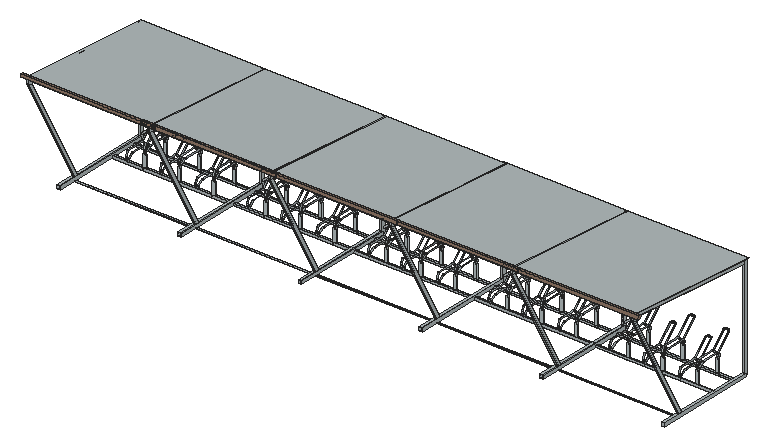
Revit family "Borås 30 Places", category Furniture, Revit 2020
Family settings
  OmniClass Number = 23.21.23.13.15
  Work Plane-Based = No
  Always vertical = Yes
  Cut with Voids When Loaded = No
  Shared = No
  Room Calculation Point = No
Parameters (values of type "8012492 Borås 24 Places / Galvanized")
  Uniclass 1.4 Description = "Furniture"
  Uniclass 1.4 Code = "L8211"
  URL = "https://www.hags.com/"
  QR code = ""
  Product url = "https://www.hags.com/en-us/park-urban/bicycle-storage/boraas-cycle-shelter/not-applicable-cast-in-place-30-places-aug-2010-galvanised"
  Product name = "Borås 30 Places / Galvanized"
  Product data url = ""
  Product SKU = ""
  Product Guid = "90e49432-c870-4a59-897e-b15016e8f9bd"
  OmniClass Description = ""
  OmniClass Code = "23-21 23 13 15"
  Model = "8012492"
  Manufacturer name = "HAGS"
  Manufacturer = "Hags"
  IFC Classification = "Furniture"
  Edition number = 1
  Description = "Borås 30 Places Galvanized "  # constant formula
  Default Elevation = 0 mm
  Construction material = Hags - Steel - Galvanized
  Body material_90 = Hags - Steel - Galvanized
  Body material = Hags - Steel - Galvanized
  BIMobject category = "bicycle-storage"
Reference planes
  plane 1 "Center (Front/Back)": y = 0
  plane 2: z = 0
  plane 3 "Center (Left/Right)": x = 0
Forms (mm)
  Extrusion 1, solid, material "Hags - Steel - Galvanized" <- "Construction material"
    sketch origin (-984.74, 2579.408, 0) x (0, 1, 0) y (0, 0, 1)
      loop
        line (-184.965, 0) -> (-184.965, 1710) -> (-234.965, 1710) -> (-234.965, 0) -> (-184.965, 0)
    from 0 to 32
  Extrusion 2, solid, material "Hags - Steel - Galvanized" <- "Construction material"
    sketch origin (-984.74, 2579.408, 0) x (0, 1, 0) y (0, 0, 1)
      loop
        line (-234.965, 1660) -> (-234.965, 1710) -> (-2462.806, 1904.911) -> (-2462.806, 1854.911) -> (-234.965, 1660)
    from 0 to 32
  Extrusion 3, solid, material "Hags - Steel - Galvanized" <- "Construction material"
    sketch origin (-985.052, 2579.408, 0) x (0, 1, 0) y (0, 0, 1)
      loop
        line (-2462.806, 1904.911) -> (-2512.806, 1904.911) -> (-2512.806, 1804.027) -> (-2462.806, 1804.027) -> (-2462.806, 1904.911)
    from 0 to 35
  Extrusion 4, solid, material "Hags - Steel - Galvanized" <- "Construction material"
    sketch origin (-985.052, 2579.408, 0) x (0, 1, 0) y (0, 0, 1)
      loop
        line (-2462.806, 1804.027) -> (-2512.806, 1804.027) -> (-1580.173, 50) -> (-1530.173, 50) -> (-1534.159, 57.495) -> (-2462.806, 1804.027)
    from 0 to 32
  Extrusion 5, solid, material "Hags - Steel - Galvanized" <- "Construction material"
    sketch origin (-1000.677, 2579.408, 0) x (0, 1, 0) y (0, 0, 1)
      loop
        line (-234.965, 50) -> (-1884.965, 50) -> (-1884.965, 0) -> (-234.965, 0) -> (-234.965, 50)
    from 0 to 43.755
  Extrusion 6, solid, material "Hags - Steel - Galvanized" <- "Construction material"
    sketch origin (-1000.677, 2384.408, 0) x (1, 0, 0) y (0, 0, 1)
      loop
        line (1995.745, 1698.705) -> (48.562, 1698.705) -> (48.562, 1664.079) -> (1995.745, 1664.079) -> (1995.745, 1698.705)
    from 0 to 32
  Extrusion 7, solid, material "Hags - Steel - Galvanized" <- "Construction material"
    sketch origin (-998.495, 109.408, 195.46) x (1, 0, 0) y (0, 0, 1)
      loop
        line (1995.745, 1698.705) -> (48.562, 1698.705) -> (48.562, 1664.079) -> (1995.745, 1664.079) -> (1995.745, 1698.705)
    from 0 to 38
  Extrusion 8, solid, material "Hags - Steel - Galvanized" <- "Construction material"
    sketch origin (-1000.677, 2384.408, 0) x (1, 0, 0) y (0, 0, 1)
      loop
        line (48.25, 73.319) -> (1994.904, 1618.13) -> (1994.904, 1650.001) -> (48.25, 103.265) -> (48.25, 73.319)
    from 0 to 32
  Extrusion 9, solid, material "Hags - Steel - Galvanized" <- "Construction material"
    sketch origin (-1000.677, 2579.408, 0) x (1, 0, 0) y (0, 1, 0)
      loop
        line (567.382, -415.587) -> (568.066, -416.141) -> (595.442, -389.704) -> (622.846, -415.88) -> (623.948, -415.585) -> (595.666, -387.302) -> (567.382, -415.587)
    from 0 to 245
  Extrusion 10, solid, material "Hags - Steel - Galvanized" <- "Construction material"
    sketch origin (-437.865, 2579.408, 0) x (1, 0, 0) y (0, 1, 0)
      loop
        line (567.382, -415.587) -> (568.066, -416.141) -> (595.442, -389.704) -> (622.846, -415.88) -> (623.948, -415.585) -> (595.666, -387.302) -> (567.382, -415.587)
    from 0 to 245
  Extrusion 11, solid, material "Hags - Steel - Galvanized" <- "Construction material"
    sketch origin (127.952, 2579.408, 0) x (1, 0, 0) y (0, 1, 0)
      loop
        line (567.382, -415.587) -> (568.066, -416.141) -> (595.442, -389.704) -> (622.846, -415.88) -> (623.948, -415.585) -> (595.666, -387.302) -> (567.382, -415.587)
    from 0 to 245
  Extrusion 12, solid, material "Hags - Steel - Galvanized" <- "Construction material"
    sketch origin (-1000.677, 2578.158, 0) x (1, 0, 0) y (0, 1, 0)
      loop
        line (48.562, -384.793) -> (48.562, -416.074) -> (1993.755, -416.074) -> (1993.755, -384.793) -> (48.562, -384.793)
    from 0 to 30
  Extrusion 13, solid, material "Hags - Steel - Galvanized" <- "Construction material"
    sketch origin (-1000.677, 2579.408, 0) x (1, 0, 0) y (0, 1, 0)
      loop
        line (46.821, -836.074) -> (1993.755, -836.074) -> (1993.755, -806.074) -> (46.821, -806.074) -> (46.821, -836.074)
    from 0 to 40
  Extrusion 14, solid, material "Hags - Steel - Galvanized" <- "Construction material"
    sketch origin (-1005.87, 1805.033, 2.5) x (1, 0, 0) y (0, 1, 0)
      loop
        line (48.948, -836.074) -> (1998.948, -836.074) -> (1998.948, -806.074) -> (48.948, -806.074) -> (48.948, -836.074)
    from 0 to 6
  Extrusion 15, solid, material "Hags - Steel - Galvanized" <- "Construction material"
    sketch origin (992.76, 2579.408, 0) x (0, 1, 0) y (0, 0, 1)
      loop
        line (-184.965, 0) -> (-184.965, 1710) -> (-234.965, 1710) -> (-234.965, 0) -> (-184.965, 0)
    from 0 to 32
  Extrusion 16, solid, material "Hags - Steel - Galvanized" <- "Construction material"
    sketch origin (992.76, 2579.408, 0) x (0, 1, 0) y (0, 0, 1)
      loop
        line (-234.965, 1660) -> (-234.965, 1710) -> (-2462.806, 1904.911) -> (-2462.806, 1854.911) -> (-234.965, 1660)
    from 0 to 32
  Extrusion 17, solid, material "Hags - Steel - Galvanized" <- "Construction material"
    sketch origin (992.448, 2579.408, 0) x (0, 1, 0) y (0, 0, 1)
      loop
        line (-2462.806, 1904.911) -> (-2512.806, 1904.911) -> (-2512.806, 1804.027) -> (-2462.806, 1804.027) -> (-2462.806, 1904.911)
    from 0 to 35
  Extrusion 18, solid, material "Hags - Steel - Galvanized" <- "Construction material"
    sketch origin (993.073, 2579.408, 0) x (0, 1, 0) y (0, 0, 1)
      loop
        line (-2462.806, 1804.027) -> (-2512.806, 1804.027) -> (-1580.173, 50) -> (-1530.173, 50) -> (-1534.159, 57.495) -> (-2462.806, 1804.027)
    from 0 to 32
  Extrusion 19, solid, material "Hags - Steel - Galvanized" <- "Construction material"
    sketch origin (994.13, 2579.408, 0) x (0, 1, 0) y (0, 0, 1)
      loop
        line (-234.965, 50) -> (-1884.965, 50) -> (-1884.965, 0) -> (-234.965, 0) -> (-234.965, 50)
    from 0 to 43.755
  Sweep 20, solid, material "Hags - Steel - Galvanized" <- "Body material"
    path origin (-364.372, 2583.549, -230.474) x (0, 1, 0) y (-0.309017, 0, 0.951057)
      loop
        line (-820.886, 0) -> (-820.886, 55.905) -> (-820.886, 59.124) -> (-819.965, 62.137) -> (-770.078, 125.99) -> (-766.002, 127.89) -> (-465.186, 127.89) -> (-461.094, 126.401) -> (-410.881, 58.199) -> (-410.115, 55.342) -> (-410.115, 0)
    profile origin (-373.01, 1762.663, -203.89) x (0, -1, 0) y (0.951057, 0, 0.309017)
      loop
        circle (0, 840.487) r 6.5
  Sweep 21, solid, material "Hags - Steel - Galvanized" <- "Body material"
    path origin (1244.524, 2583.549, -216.428) x (0, 1, 0) y (-0.292373, 0, -0.956304)
      loop
        line (-820.886, 0) -> (-820.886, -55.905) -> (-820.886, -59.124) -> (-819.965, -62.137) -> (-770.078, -125.99) -> (-766.002, -127.89) -> (-465.186, -127.89) -> (-461.094, -126.401) -> (-410.881, -58.199) -> (-410.115, -55.342) -> (-410.115, 0)
    profile origin (1252.697, 1762.663, -189.697) x (0, 1, 0) y (-0.956304, 0, 0.292373)
      loop
        circle (0, 840.487) r 6.5
  Sweep 22, solid, material "Hags - Steel - Galvanized" <- "Body material"
    path origin (-444.55, 2090.782, 123.616) x (1, 0, 0) y (0, 0.707107, 0.707107)
      loop
        line (839.702, 42.921) -> (839.702, 340.837) -> (840.265, 347.267) -> (843.228, 353.621) -> (847.934, 360.598) -> (855.705, 366.891) -> (865.691, 370.724) -> (877.383, 372.786) -> (881.238, 372.786) -> (892.864, 371.768) -> (903.629, 368.682) -> (914.205, 361.548) -> (920.498, 353.776) -> (923.074, 342.622) -> (923.074, 42.921)
    profile origin (395.152, 2226.462, 259.295) x (-1, 0, 0) y (0, -0.707107, 0.707107)
      loop
        circle (0, 0) r 6.547
  Sweep 23, solid, material "Hags - Steel - Galvanized" <- "Body material"
    path origin (-949.372, 2583.549, -230.474) x (0, 1, 0) y (-0.309017, 0, 0.951057)
      loop
        line (-820.886, 0) -> (-820.886, 55.905) -> (-820.886, 59.124) -> (-819.965, 62.137) -> (-770.078, 125.99) -> (-766.002, 127.89) -> (-465.186, 127.89) -> (-461.094, 126.401) -> (-410.881, 58.199) -> (-410.115, 55.342) -> (-410.115, 0)
    profile origin (-958.01, 1762.663, -203.89) x (0, -1, 0) y (0.951057, 0, 0.309017)
      loop
        circle (0, 840.487) r 6.5
  Sweep 24, solid, material "Hags - Steel - Galvanized" <- "Body material"
    path origin (659.524, 2583.549, -216.428) x (0, 1, 0) y (-0.292373, 0, -0.956304)
      loop
        line (-820.886, 0) -> (-820.886, -55.905) -> (-820.886, -59.124) -> (-819.965, -62.137) -> (-770.078, -125.99) -> (-766.002, -127.89) -> (-465.186, -127.89) -> (-461.094, -126.401) -> (-410.881, -58.199) -> (-410.115, -55.342) -> (-410.115, 0)
    profile origin (667.697, 1762.663, -189.697) x (0, 1, 0) y (-0.956304, 0, 0.292373)
      loop
        circle (0, 840.487) r 6.5
  Sweep 25, solid, material "Hags - Steel - Galvanized" <- "Body material"
    path origin (-1029.55, 2090.782, 123.616) x (1, 0, 0) y (0, 0.707107, 0.707107)
      loop
        line (839.702, 42.921) -> (839.702, 340.837) -> (840.265, 347.267) -> (843.228, 353.621) -> (847.934, 360.598) -> (855.705, 366.891) -> (865.691, 370.724) -> (877.383, 372.786) -> (881.238, 372.786) -> (892.864, 371.768) -> (903.629, 368.682) -> (914.205, 361.548) -> (920.498, 353.776) -> (923.074, 342.622) -> (923.074, 42.921)
    profile origin (-189.848, 2226.462, 259.295) x (-1, 0, 0) y (0, -0.707107, 0.707107)
      loop
        circle (0, 0) r 6.547
  Sweep 26, solid, material "Hags - Steel - Galvanized" <- "Body material"
    path origin (-1499.372, 2583.549, -230.474) x (0, 1, 0) y (-0.309017, 0, 0.951057)
      loop
        line (-820.886, 0) -> (-820.886, 55.905) -> (-820.886, 59.124) -> (-819.965, 62.137) -> (-770.078, 125.99) -> (-766.002, 127.89) -> (-465.186, 127.89) -> (-461.094, 126.401) -> (-410.881, 58.199) -> (-410.115, 55.342) -> (-410.115, 0)
    profile origin (-1508.01, 1762.663, -203.89) x (0, -1, 0) y (0.951057, 0, 0.309017)
      loop
        circle (0, 840.487) r 6.5
  Sweep 27, solid, material "Hags - Steel - Galvanized" <- "Body material"
    path origin (109.524, 2583.549, -216.428) x (0, 1, 0) y (-0.292373, 0, -0.956304)
      loop
        line (-820.886, 0) -> (-820.886, -55.905) -> (-820.886, -59.124) -> (-819.965, -62.137) -> (-770.078, -125.99) -> (-766.002, -127.89) -> (-465.186, -127.89) -> (-461.094, -126.401) -> (-410.881, -58.199) -> (-410.115, -55.342) -> (-410.115, 0)
    profile origin (117.697, 1762.663, -189.697) x (0, 1, 0) y (-0.956304, 0, 0.292373)
      loop
        circle (0, 840.487) r 6.5
  Sweep 28, solid, material "Hags - Steel - Galvanized" <- "Body material"
    path origin (-1579.55, 2090.782, 123.616) x (1, 0, 0) y (0, 0.707107, 0.707107)
      loop
        line (839.702, 42.921) -> (839.702, 340.837) -> (840.265, 347.267) -> (843.228, 353.621) -> (847.934, 360.598) -> (855.705, 366.891) -> (865.691, 370.724) -> (877.383, 372.786) -> (881.238, 372.786) -> (892.864, 371.768) -> (903.629, 368.682) -> (914.205, 361.548) -> (920.498, 353.776) -> (923.074, 342.622) -> (923.074, 42.921)
    profile origin (-739.848, 2226.462, 259.295) x (-1, 0, 0) y (0, -0.707107, 0.707107)
      loop
        circle (0, 0) r 6.547
  Sweep 29, solid, material "Hags - Steel - Galvanized" <- "Body material"
    path origin (-76.723, 2583.549, -20.216) x (0, 1, 0) y (-0.309017, 0, 0.951057)
      loop
        line (-820.886, 0) -> (-820.886, 55.905) -> (-820.886, 59.124) -> (-819.965, 62.137) -> (-770.078, 125.99) -> (-766.002, 127.89) -> (-465.186, 127.89) -> (-461.094, 126.401) -> (-410.881, 58.199) -> (-410.115, 55.342) -> (-410.115, 0)
    profile origin (-85.361, 1762.663, 6.368) x (0, -1, 0) y (0.951057, 0, 0.309017)
      loop
        circle (0, 840.487) r 6.5
  Sweep 30, solid, material "Hags - Steel - Galvanized" <- "Body material"
    path origin (1532.174, 2583.549, -6.17) x (0, 1, 0) y (-0.292373, 0, -0.956304)
      loop
        line (-820.886, 0) -> (-820.886, -55.905) -> (-820.886, -59.124) -> (-819.965, -62.137) -> (-770.078, -125.99) -> (-766.002, -127.89) -> (-465.186, -127.89) -> (-461.094, -126.401) -> (-410.881, -58.199) -> (-410.115, -55.342) -> (-410.115, 0)
    profile origin (1540.346, 1762.663, 20.561) x (0, 1, 0) y (-0.956304, 0, 0.292373)
      loop
        circle (0, 840.487) r 6.5
  Sweep 31, solid, material "Hags - Steel - Galvanized" <- "Body material"
    path origin (-156.901, 2090.782, 333.874) x (1, 0, 0) y (0, 0.707107, 0.707107)
      loop
        line (839.702, 42.921) -> (839.702, 340.837) -> (840.265, 347.267) -> (843.228, 353.621) -> (847.934, 360.598) -> (855.705, 366.891) -> (865.691, 370.724) -> (877.383, 372.786) -> (881.238, 372.786) -> (892.864, 371.768) -> (903.629, 368.682) -> (914.205, 361.548) -> (920.498, 353.776) -> (923.074, 342.622) -> (923.074, 42.921)
    profile origin (682.801, 2226.462, 469.553) x (-1, 0, 0) y (0, -0.707107, 0.707107)
      loop
        circle (0, 0) r 6.547
  Extrusion 32, solid, material "Hags - Steel - Galvanized" <- "Construction material"
    sketch origin (127.952, 2165.658, 0) x (1, 0, 0) y (0, 1, 0)
      loop
        line (567.382, -415.587) -> (568.066, -416.141) -> (595.442, -389.704) -> (622.846, -415.88) -> (623.948, -415.585) -> (595.666, -387.302) -> (567.382, -415.587)
    from 0 to 245
  Sweep 33, solid, material "Hags - Steel - Galvanized" <- "Body material"
    path origin (-641.723, 2583.549, -20.216) x (0, 1, 0) y (-0.309017, 0, 0.951057)
      loop
        line (-820.886, 0) -> (-820.886, 55.905) -> (-820.886, 59.124) -> (-819.965, 62.137) -> (-770.078, 125.99) -> (-766.002, 127.89) -> (-465.186, 127.89) -> (-461.094, 126.401) -> (-410.881, 58.199) -> (-410.115, 55.342) -> (-410.115, 0)
    profile origin (-650.361, 1762.663, 6.368) x (0, -1, 0) y (0.951057, 0, 0.309017)
      loop
        circle (0, 840.487) r 6.5
  Sweep 34, solid, material "Hags - Steel - Galvanized" <- "Body material"
    path origin (967.174, 2583.549, -6.17) x (0, 1, 0) y (-0.292373, 0, -0.956304)
      loop
        line (-820.886, 0) -> (-820.886, -55.905) -> (-820.886, -59.124) -> (-819.965, -62.137) -> (-770.078, -125.99) -> (-766.002, -127.89) -> (-465.186, -127.89) -> (-461.094, -126.401) -> (-410.881, -58.199) -> (-410.115, -55.342) -> (-410.115, 0)
    profile origin (975.346, 1762.663, 20.561) x (0, 1, 0) y (-0.956304, 0, 0.292373)
      loop
        circle (0, 840.487) r 6.5
  Sweep 35, solid, material "Hags - Steel - Galvanized" <- "Body material"
    path origin (-721.901, 2090.782, 333.874) x (1, 0, 0) y (0, 0.707107, 0.707107)
      loop
        line (839.702, 42.921) -> (839.702, 340.837) -> (840.265, 347.267) -> (843.228, 353.621) -> (847.934, 360.598) -> (855.705, 366.891) -> (865.691, 370.724) -> (877.383, 372.786) -> (881.238, 372.786) -> (892.864, 371.768) -> (903.629, 368.682) -> (914.205, 361.548) -> (920.498, 353.776) -> (923.074, 342.622) -> (923.074, 42.921)
    profile origin (117.801, 2226.462, 469.553) x (-1, 0, 0) y (0, -0.707107, 0.707107)
      loop
        circle (0, 0) r 6.547
  Extrusion 36, solid, material "Hags - Steel - Galvanized" <- "Construction material"
    sketch origin (-437.048, 2165.658, 0) x (1, 0, 0) y (0, 1, 0)
      loop
        line (567.382, -415.587) -> (568.066, -416.141) -> (595.442, -389.704) -> (622.846, -415.88) -> (623.948, -415.585) -> (595.666, -387.302) -> (567.382, -415.587)
    from 0 to 245
  Sweep 37, solid, material "Hags - Steel - Galvanized" <- "Body material"
    path origin (-1205.473, 2583.549, -20.216) x (0, 1, 0) y (-0.309017, 0, 0.951057)
      loop
        line (-820.886, 0) -> (-820.886, 55.905) -> (-820.886, 59.124) -> (-819.965, 62.137) -> (-770.078, 125.99) -> (-766.002, 127.89) -> (-465.186, 127.89) -> (-461.094, 126.401) -> (-410.881, 58.199) -> (-410.115, 55.342) -> (-410.115, 0)
    profile origin (-1214.111, 1762.663, 6.368) x (0, -1, 0) y (0.951057, 0, 0.309017)
      loop
        circle (0, 840.487) r 6.5
  Sweep 38, solid, material "Hags - Steel - Galvanized" <- "Body material"
    path origin (403.424, 2583.549, -6.17) x (0, 1, 0) y (-0.292373, 0, -0.956304)
      loop
        line (-820.886, 0) -> (-820.886, -55.905) -> (-820.886, -59.124) -> (-819.965, -62.137) -> (-770.078, -125.99) -> (-766.002, -127.89) -> (-465.186, -127.89) -> (-461.094, -126.401) -> (-410.881, -58.199) -> (-410.115, -55.342) -> (-410.115, 0)
    profile origin (411.596, 1762.663, 20.561) x (0, 1, 0) y (-0.956304, 0, 0.292373)
      loop
        circle (0, 840.487) r 6.5
  Sweep 39, solid, material "Hags - Steel - Galvanized" <- "Body material"
    path origin (-1285.651, 2090.782, 333.874) x (1, 0, 0) y (0, 0.707107, 0.707107)
      loop
        line (839.702, 42.921) -> (839.702, 340.837) -> (840.265, 347.267) -> (843.228, 353.621) -> (847.934, 360.598) -> (855.705, 366.891) -> (865.691, 370.724) -> (877.383, 372.786) -> (881.238, 372.786) -> (892.864, 371.768) -> (903.629, 368.682) -> (914.205, 361.548) -> (920.498, 353.776) -> (923.074, 342.622) -> (923.074, 42.921)
    profile origin (-445.949, 2226.462, 469.553) x (-1, 0, 0) y (0, -0.707107, 0.707107)
      loop
        circle (0, 0) r 6.547
  Extrusion 40, solid, material "Hags - Steel - Galvanized" <- "Construction material"
    sketch origin (-1000.798, 2165.658, 0) x (1, 0, 0) y (0, 1, 0)
      loop
        line (567.382, -415.587) -> (568.066, -416.141) -> (595.442, -389.704) -> (622.846, -415.88) -> (623.948, -415.585) -> (595.666, -387.302) -> (567.382, -415.587)
    from 0 to 245
  Extrusion 41, solid, material "Hags - Wood - Bark brown"
    sketch origin (-1075.269, 2592.308, -25) x (0, 1, 0) y (0, 0, 1)
      loop
        line (-2549.63, 1911.391) -> (-2527.825, 1909.1) -> (-2525.404, 1932.128) -> (-2502.617, 1929.733) -> (-2500.3, 1951.774) -> (-2544.893, 1956.461) -> (-2549.63, 1911.391)
    from -1.351 to 2200
  Extrusion 42, solid, material "Hags - Steel - Galvanized" <- "Body material"
    sketch origin (3679.106, -1732.992, 2066.313) x (1, 0, 0) y (0, 0.996302, -0.085916)
      loop
        line (-4664.158, 1835.544) -> (-2639.158, 1835.544) -> (-2639.158, 4145.544) -> (-4664.158, 4145.544) -> (-4664.158, 1835.544)
    from 0 to 8
  Extrusion 43, solid, material "Hags - Steel - Galvanized" <- "Construction material"
    sketch origin (-2962.865, 2579.408, 0) x (0, 1, 0) y (0, 0, 1)
      loop
        line (-184.965, 0) -> (-184.965, 1710) -> (-234.965, 1710) -> (-234.965, 0) -> (-184.965, 0)
    from 0 to 32
  Extrusion 44, solid, material "Hags - Steel - Galvanized" <- "Construction material"
    sketch origin (-2962.865, 2579.408, 0) x (0, 1, 0) y (0, 0, 1)
      loop
        line (-234.965, 1660) -> (-234.965, 1710) -> (-2462.806, 1904.911) -> (-2462.806, 1854.911) -> (-234.965, 1660)
    from 0 to 32
  Extrusion 45, solid, material "Hags - Steel - Galvanized" <- "Construction material"
    sketch origin (-2963.177, 2579.408, 0) x (0, 1, 0) y (0, 0, 1)
      loop
        line (-2462.806, 1904.911) -> (-2512.806, 1904.911) -> (-2512.806, 1804.027) -> (-2462.806, 1804.027) -> (-2462.806, 1904.911)
    from 0 to 35
  Extrusion 46, solid, material "Hags - Steel - Galvanized" <- "Construction material"
    sketch origin (-2963.177, 2579.408, 0) x (0, 1, 0) y (0, 0, 1)
      loop
        line (-2462.806, 1804.027) -> (-2512.806, 1804.027) -> (-1580.173, 50) -> (-1530.173, 50) -> (-1534.159, 57.495) -> (-2462.806, 1804.027)
    from 0 to 32
  Extrusion 47, solid, material "Hags - Steel - Galvanized" <- "Construction material"
    sketch origin (-2978.802, 2579.408, 0) x (0, 1, 0) y (0, 0, 1)
      loop
        line (-234.965, 50) -> (-1884.965, 50) -> (-1884.965, 0) -> (-234.965, 0) -> (-234.965, 50)
    from 0 to 43.755
  Extrusion 48, solid, material "Hags - Steel - Galvanized" <- "Construction material"
    sketch origin (-2978.802, 2384.408, 0) x (1, 0, 0) y (0, 0, 1)
      loop
        line (1995.745, 1698.705) -> (48.562, 1698.705) -> (48.562, 1664.079) -> (1995.745, 1664.079) -> (1995.745, 1698.705)
    from 0 to 32
  Extrusion 49, solid, material "Hags - Steel - Galvanized" <- "Construction material"
    sketch origin (-2976.62, 109.408, 195.46) x (1, 0, 0) y (0, 0, 1)
      loop
        line (1995.745, 1698.705) -> (48.562, 1698.705) -> (48.562, 1664.079) -> (1995.745, 1664.079) -> (1995.745, 1698.705)
    from 0 to 38
  Extrusion 50, solid, material "Hags - Steel - Galvanized" <- "Construction material"
    sketch origin (-2978.802, 2384.408, 0) x (1, 0, 0) y (0, 0, 1)
      loop
        line (48.25, 73.319) -> (1994.904, 1618.13) -> (1994.904, 1650.001) -> (48.25, 103.265) -> (48.25, 73.319)
    from 0 to 32
  Extrusion 51, solid, material "Hags - Steel - Galvanized" <- "Construction material"
    sketch origin (-2978.802, 2579.408, 0) x (1, 0, 0) y (0, 1, 0)
      loop
        line (567.382, -415.587) -> (568.066, -416.141) -> (595.442, -389.704) -> (622.846, -415.88) -> (623.948, -415.585) -> (595.666, -387.302) -> (567.382, -415.587)
    from 0 to 245
  Extrusion 52, solid, material "Hags - Steel - Galvanized" <- "Construction material"
    sketch origin (-2415.99, 2579.408, 0) x (1, 0, 0) y (0, 1, 0)
      loop
        line (567.382, -415.587) -> (568.066, -416.141) -> (595.442, -389.704) -> (622.846, -415.88) -> (623.948, -415.585) -> (595.666, -387.302) -> (567.382, -415.587)
    from 0 to 245
  Extrusion 53, solid, material "Hags - Steel - Galvanized" <- "Construction material"
    sketch origin (-1850.173, 2579.408, 0) x (1, 0, 0) y (0, 1, 0)
      loop
        line (567.382, -415.587) -> (568.066, -416.141) -> (595.442, -389.704) -> (622.846, -415.88) -> (623.948, -415.585) -> (595.666, -387.302) -> (567.382, -415.587)
    from 0 to 245
  Extrusion 54, solid, material "Hags - Steel - Galvanized" <- "Construction material"
    sketch origin (-2978.802, 2578.158, 0) x (1, 0, 0) y (0, 1, 0)
      loop
        line (48.562, -384.793) -> (48.562, -416.074) -> (1993.755, -416.074) -> (1993.755, -384.793) -> (48.562, -384.793)
    from 0 to 30
  Extrusion 55, solid, material "Hags - Steel - Galvanized" <- "Construction material"
    sketch origin (-2978.802, 2579.408, 0) x (1, 0, 0) y (0, 1, 0)
      loop
        line (46.821, -836.074) -> (1993.755, -836.074) -> (1993.755, -806.074) -> (46.821, -806.074) -> (46.821, -836.074)
    from 0 to 40
  Extrusion 56, solid, material "Hags - Steel - Galvanized" <- "Construction material"
    sketch origin (-2983.995, 1805.033, 2.5) x (1, 0, 0) y (0, 1, 0)
      loop
        line (48.948, -836.074) -> (1998.948, -836.074) -> (1998.948, -806.074) -> (48.948, -806.074) -> (48.948, -836.074)
    from 0 to 6
  Extrusion 57, solid, material "Hags - Steel - Galvanized" <- "Construction material"
    sketch origin (-985.365, 2579.408, 0) x (0, 1, 0) y (0, 0, 1)
      loop
        line (-184.965, 0) -> (-184.965, 1710) -> (-234.965, 1710) -> (-234.965, 0) -> (-184.965, 0)
    from 0 to 32
  Extrusion 58, solid, material "Hags - Steel - Galvanized" <- "Construction material"
    sketch origin (-985.365, 2579.408, 0) x (0, 1, 0) y (0, 0, 1)
      loop
        line (-234.965, 1660) -> (-234.965, 1710) -> (-2462.806, 1904.911) -> (-2462.806, 1854.911) -> (-234.965, 1660)
    from 0 to 32
  Extrusion 59, solid, material "Hags - Steel - Galvanized" <- "Construction material"
    sketch origin (-985.677, 2579.408, 0) x (0, 1, 0) y (0, 0, 1)
      loop
        line (-2462.806, 1904.911) -> (-2512.806, 1904.911) -> (-2512.806, 1804.027) -> (-2462.806, 1804.027) -> (-2462.806, 1904.911)
    from 0 to 35
  Extrusion 60, solid, material "Hags - Steel - Galvanized" <- "Construction material"
    sketch origin (-985.052, 2579.408, 0) x (0, 1, 0) y (0, 0, 1)
      loop
        line (-2462.806, 1804.027) -> (-2512.806, 1804.027) -> (-1580.173, 50) -> (-1530.173, 50) -> (-1534.159, 57.495) -> (-2462.806, 1804.027)
    from 0 to 32
  Extrusion 61, solid, material "Hags - Steel - Galvanized" <- "Construction material"
    sketch origin (-983.995, 2579.408, 0) x (0, 1, 0) y (0, 0, 1)
      loop
        line (-234.965, 50) -> (-1884.965, 50) -> (-1884.965, 0) -> (-234.965, 0) -> (-234.965, 50)
    from 0 to 43.755
  Sweep 62, solid, material "Hags - Steel - Galvanized" <- "Body material"
    path origin (-2342.497, 2583.549, -230.474) x (0, 1, 0) y (-0.309017, 0, 0.951057)
      loop
        line (-820.886, 0) -> (-820.886, 55.905) -> (-820.886, 59.124) -> (-819.965, 62.137) -> (-770.078, 125.99) -> (-766.002, 127.89) -> (-465.186, 127.89) -> (-461.094, 126.401) -> (-410.881, 58.199) -> (-410.115, 55.342) -> (-410.115, 0)
    profile origin (-2351.135, 1762.663, -203.89) x (0, -1, 0) y (0.951057, 0, 0.309017)
      loop
        circle (0, 840.487) r 6.5
  Sweep 63, solid, material "Hags - Steel - Galvanized" <- "Body material"
    path origin (-733.601, 2583.549, -216.428) x (0, 1, 0) y (-0.292373, 0, -0.956304)
      loop
        line (-820.886, 0) -> (-820.886, -55.905) -> (-820.886, -59.124) -> (-819.965, -62.137) -> (-770.078, -125.99) -> (-766.002, -127.89) -> (-465.186, -127.89) -> (-461.094, -126.401) -> (-410.881, -58.199) -> (-410.115, -55.342) -> (-410.115, 0)
    profile origin (-725.428, 1762.663, -189.697) x (0, 1, 0) y (-0.956304, 0, 0.292373)
      loop
        circle (0, 840.487) r 6.5
  Sweep 64, solid, material "Hags - Steel - Galvanized" <- "Body material"
    path origin (-2422.675, 2090.782, 123.616) x (1, 0, 0) y (0, 0.707107, 0.707107)
      loop
        line (839.702, 42.921) -> (839.702, 340.837) -> (840.265, 347.267) -> (843.228, 353.621) -> (847.934, 360.598) -> (855.705, 366.891) -> (865.691, 370.724) -> (877.383, 372.786) -> (881.238, 372.786) -> (892.864, 371.768) -> (903.629, 368.682) -> (914.205, 361.548) -> (920.498, 353.776) -> (923.074, 342.622) -> (923.074, 42.921)
    profile origin (-1582.973, 2226.462, 259.295) x (-1, 0, 0) y (0, -0.707107, 0.707107)
      loop
        circle (0, 0) r 6.547
  Sweep 65, solid, material "Hags - Steel - Galvanized" <- "Body material"
    path origin (-2927.497, 2583.549, -230.474) x (0, 1, 0) y (-0.309017, 0, 0.951057)
      loop
        line (-820.886, 0) -> (-820.886, 55.905) -> (-820.886, 59.124) -> (-819.965, 62.137) -> (-770.078, 125.99) -> (-766.002, 127.89) -> (-465.186, 127.89) -> (-461.094, 126.401) -> (-410.881, 58.199) -> (-410.115, 55.342) -> (-410.115, 0)
    profile origin (-2936.135, 1762.663, -203.89) x (0, -1, 0) y (0.951057, 0, 0.309017)
      loop
        circle (0, 840.487) r 6.5
  Sweep 66, solid, material "Hags - Steel - Galvanized" <- "Body material"
    path origin (-1318.601, 2583.549, -216.428) x (0, 1, 0) y (-0.292373, 0, -0.956304)
      loop
        line (-820.886, 0) -> (-820.886, -55.905) -> (-820.886, -59.124) -> (-819.965, -62.137) -> (-770.078, -125.99) -> (-766.002, -127.89) -> (-465.186, -127.89) -> (-461.094, -126.401) -> (-410.881, -58.199) -> (-410.115, -55.342) -> (-410.115, 0)
    profile origin (-1310.428, 1762.663, -189.697) x (0, 1, 0) y (-0.956304, 0, 0.292373)
      loop
        circle (0, 840.487) r 6.5
  Sweep 67, solid, material "Hags - Steel - Galvanized" <- "Body material"
    path origin (-3007.675, 2090.782, 123.616) x (1, 0, 0) y (0, 0.707107, 0.707107)
      loop
        line (839.702, 42.921) -> (839.702, 340.837) -> (840.265, 347.267) -> (843.228, 353.621) -> (847.934, 360.598) -> (855.705, 366.891) -> (865.691, 370.724) -> (877.383, 372.786) -> (881.238, 372.786) -> (892.864, 371.768) -> (903.629, 368.682) -> (914.205, 361.548) -> (920.498, 353.776) -> (923.074, 342.622) -> (923.074, 42.921)
    profile origin (-2167.973, 2226.462, 259.295) x (-1, 0, 0) y (0, -0.707107, 0.707107)
      loop
        circle (0, 0) r 6.547
  Sweep 68, solid, material "Hags - Steel - Galvanized" <- "Body material"
    path origin (-3477.497, 2583.549, -230.474) x (0, 1, 0) y (-0.309017, 0, 0.951057)
      loop
        line (-820.886, 0) -> (-820.886, 55.905) -> (-820.886, 59.124) -> (-819.965, 62.137) -> (-770.078, 125.99) -> (-766.002, 127.89) -> (-465.186, 127.89) -> (-461.094, 126.401) -> (-410.881, 58.199) -> (-410.115, 55.342) -> (-410.115, 0)
    profile origin (-3486.135, 1762.663, -203.89) x (0, -1, 0) y (0.951057, 0, 0.309017)
      loop
        circle (0, 840.487) r 6.5
  Sweep 69, solid, material "Hags - Steel - Galvanized" <- "Body material"
    path origin (-1868.601, 2583.549, -216.428) x (0, 1, 0) y (-0.292373, 0, -0.956304)
      loop
        line (-820.886, 0) -> (-820.886, -55.905) -> (-820.886, -59.124) -> (-819.965, -62.137) -> (-770.078, -125.99) -> (-766.002, -127.89) -> (-465.186, -127.89) -> (-461.094, -126.401) -> (-410.881, -58.199) -> (-410.115, -55.342) -> (-410.115, 0)
    profile origin (-1860.428, 1762.663, -189.697) x (0, 1, 0) y (-0.956304, 0, 0.292373)
      loop
        circle (0, 840.487) r 6.5
  Sweep 70, solid, material "Hags - Steel - Galvanized" <- "Body material"
    path origin (-3557.675, 2090.782, 123.616) x (1, 0, 0) y (0, 0.707107, 0.707107)
      loop
        line (839.702, 42.921) -> (839.702, 340.837) -> (840.265, 347.267) -> (843.228, 353.621) -> (847.934, 360.598) -> (855.705, 366.891) -> (865.691, 370.724) -> (877.383, 372.786) -> (881.238, 372.786) -> (892.864, 371.768) -> (903.629, 368.682) -> (914.205, 361.548) -> (920.498, 353.776) -> (923.074, 342.622) -> (923.074, 42.921)
    profile origin (-2717.973, 2226.462, 259.295) x (-1, 0, 0) y (0, -0.707107, 0.707107)
      loop
        circle (0, 0) r 6.547
  Sweep 71, solid, material "Hags - Steel - Galvanized" <- "Body material"
    path origin (-2054.848, 2583.549, -20.216) x (0, 1, 0) y (-0.309017, 0, 0.951057)
      loop
        line (-820.886, 0) -> (-820.886, 55.905) -> (-820.886, 59.124) -> (-819.965, 62.137) -> (-770.078, 125.99) -> (-766.002, 127.89) -> (-465.186, 127.89) -> (-461.094, 126.401) -> (-410.881, 58.199) -> (-410.115, 55.342) -> (-410.115, 0)
    profile origin (-2063.486, 1762.663, 6.368) x (0, -1, 0) y (0.951057, 0, 0.309017)
      loop
        circle (0, 840.487) r 6.5
  Sweep 72, solid, material "Hags - Steel - Galvanized" <- "Body material"
    path origin (-445.951, 2583.549, -6.17) x (0, 1, 0) y (-0.292373, 0, -0.956304)
      loop
        line (-820.886, 0) -> (-820.886, -55.905) -> (-820.886, -59.124) -> (-819.965, -62.137) -> (-770.078, -125.99) -> (-766.002, -127.89) -> (-465.186, -127.89) -> (-461.094, -126.401) -> (-410.881, -58.199) -> (-410.115, -55.342) -> (-410.115, 0)
    profile origin (-437.779, 1762.663, 20.561) x (0, 1, 0) y (-0.956304, 0, 0.292373)
      loop
        circle (0, 840.487) r 6.5
  Sweep 73, solid, material "Hags - Steel - Galvanized" <- "Body material"
    path origin (-2135.026, 2090.782, 333.874) x (1, 0, 0) y (0, 0.707107, 0.707107)
      loop
        line (839.702, 42.921) -> (839.702, 340.837) -> (840.265, 347.267) -> (843.228, 353.621) -> (847.934, 360.598) -> (855.705, 366.891) -> (865.691, 370.724) -> (877.383, 372.786) -> (881.238, 372.786) -> (892.864, 371.768) -> (903.629, 368.682) -> (914.205, 361.548) -> (920.498, 353.776) -> (923.074, 342.622) -> (923.074, 42.921)
    profile origin (-1295.324, 2226.462, 469.553) x (-1, 0, 0) y (0, -0.707107, 0.707107)
      loop
        circle (0, 0) r 6.547
  Extrusion 74, solid, material "Hags - Steel - Galvanized" <- "Construction material"
    sketch origin (-1850.173, 2165.658, 0) x (1, 0, 0) y (0, 1, 0)
      loop
        line (567.382, -415.587) -> (568.066, -416.141) -> (595.442, -389.704) -> (622.846, -415.88) -> (623.948, -415.585) -> (595.666, -387.302) -> (567.382, -415.587)
    from 0 to 245
  Sweep 75, solid, material "Hags - Steel - Galvanized" <- "Body material"
    path origin (-2619.848, 2583.549, -20.216) x (0, 1, 0) y (-0.309017, 0, 0.951057)
      loop
        line (-820.886, 0) -> (-820.886, 55.905) -> (-820.886, 59.124) -> (-819.965, 62.137) -> (-770.078, 125.99) -> (-766.002, 127.89) -> (-465.186, 127.89) -> (-461.094, 126.401) -> (-410.881, 58.199) -> (-410.115, 55.342) -> (-410.115, 0)
    profile origin (-2628.486, 1762.663, 6.368) x (0, -1, 0) y (0.951057, 0, 0.309017)
      loop
        circle (0, 840.487) r 6.5
  Sweep 76, solid, material "Hags - Steel - Galvanized" <- "Body material"
    path origin (-1010.951, 2583.549, -6.17) x (0, 1, 0) y (-0.292373, 0, -0.956304)
      loop
        line (-820.886, 0) -> (-820.886, -55.905) -> (-820.886, -59.124) -> (-819.965, -62.137) -> (-770.078, -125.99) -> (-766.002, -127.89) -> (-465.186, -127.89) -> (-461.094, -126.401) -> (-410.881, -58.199) -> (-410.115, -55.342) -> (-410.115, 0)
    profile origin (-1002.779, 1762.663, 20.561) x (0, 1, 0) y (-0.956304, 0, 0.292373)
      loop
        circle (0, 840.487) r 6.5
  Sweep 77, solid, material "Hags - Steel - Galvanized" <- "Body material"
    path origin (-2700.026, 2090.782, 333.874) x (1, 0, 0) y (0, 0.707107, 0.707107)
      loop
        line (839.702, 42.921) -> (839.702, 340.837) -> (840.265, 347.267) -> (843.228, 353.621) -> (847.934, 360.598) -> (855.705, 366.891) -> (865.691, 370.724) -> (877.383, 372.786) -> (881.238, 372.786) -> (892.864, 371.768) -> (903.629, 368.682) -> (914.205, 361.548) -> (920.498, 353.776) -> (923.074, 342.622) -> (923.074, 42.921)
    profile origin (-1860.324, 2226.462, 469.553) x (-1, 0, 0) y (0, -0.707107, 0.707107)
      loop
        circle (0, 0) r 6.547
  Extrusion 78, solid, material "Hags - Steel - Galvanized" <- "Construction material"
    sketch origin (-2415.173, 2165.658, 0) x (1, 0, 0) y (0, 1, 0)
      loop
        line (567.382, -415.587) -> (568.066, -416.141) -> (595.442, -389.704) -> (622.846, -415.88) -> (623.948, -415.585) -> (595.666, -387.302) -> (567.382, -415.587)
    from 0 to 245
  Sweep 79, solid, material "Hags - Steel - Galvanized" <- "Body material"
    path origin (-3183.598, 2583.549, -20.216) x (0, 1, 0) y (-0.309017, 0, 0.951057)
      loop
        line (-820.886, 0) -> (-820.886, 55.905) -> (-820.886, 59.124) -> (-819.965, 62.137) -> (-770.078, 125.99) -> (-766.002, 127.89) -> (-465.186, 127.89) -> (-461.094, 126.401) -> (-410.881, 58.199) -> (-410.115, 55.342) -> (-410.115, 0)
    profile origin (-3192.236, 1762.663, 6.368) x (0, -1, 0) y (0.951057, 0, 0.309017)
      loop
        circle (0, 840.487) r 6.5
  Sweep 80, solid, material "Hags - Steel - Galvanized" <- "Body material"
    path origin (-1574.701, 2583.549, -6.17) x (0, 1, 0) y (-0.292373, 0, -0.956304)
      loop
        line (-820.886, 0) -> (-820.886, -55.905) -> (-820.886, -59.124) -> (-819.965, -62.137) -> (-770.078, -125.99) -> (-766.002, -127.89) -> (-465.186, -127.89) -> (-461.094, -126.401) -> (-410.881, -58.199) -> (-410.115, -55.342) -> (-410.115, 0)
    profile origin (-1566.529, 1762.663, 20.561) x (0, 1, 0) y (-0.956304, 0, 0.292373)
      loop
        circle (0, 840.487) r 6.5
  Sweep 81, solid, material "Hags - Steel - Galvanized" <- "Body material"
    path origin (-3263.776, 2090.782, 333.874) x (1, 0, 0) y (0, 0.707107, 0.707107)
      loop
        line (839.702, 42.921) -> (839.702, 340.837) -> (840.265, 347.267) -> (843.228, 353.621) -> (847.934, 360.598) -> (855.705, 366.891) -> (865.691, 370.724) -> (877.383, 372.786) -> (881.238, 372.786) -> (892.864, 371.768) -> (903.629, 368.682) -> (914.205, 361.548) -> (920.498, 353.776) -> (923.074, 342.622) -> (923.074, 42.921)
    profile origin (-2424.074, 2226.462, 469.553) x (-1, 0, 0) y (0, -0.707107, 0.707107)
      loop
        circle (0, 0) r 6.547
  Extrusion 82, solid, material "Hags - Steel - Galvanized" <- "Construction material"
    sketch origin (-2978.923, 2165.658, 0) x (1, 0, 0) y (0, 1, 0)
      loop
        line (567.382, -415.587) -> (568.066, -416.141) -> (595.442, -389.704) -> (622.846, -415.88) -> (623.948, -415.585) -> (595.666, -387.302) -> (567.382, -415.587)
    from 0 to 245
  Extrusion 83, solid, material "Hags - Wood - Bark brown"
    sketch origin (-3053.394, 2592.308, -25) x (0, 1, 0) y (0, 0, 1)
      loop
        line (-2549.63, 1911.391) -> (-2527.825, 1909.1) -> (-2525.404, 1932.128) -> (-2502.617, 1929.733) -> (-2500.3, 1951.774) -> (-2544.893, 1956.461) -> (-2549.63, 1911.391)
    from -1.351 to 2200
  Extrusion 84, solid, material "Hags - Steel - Galvanized" <- "Body material"
    sketch origin (1700.981, -1732.992, 2066.313) x (1, 0, 0) y (0, 0.996302, -0.085916)
      loop
        line (-4664.158, 1835.544) -> (-2639.158, 1835.544) -> (-2639.158, 4145.544) -> (-4664.158, 4145.544) -> (-4664.158, 1835.544)
    from 0 to 8
  Extrusion 85, solid, material "Hags - Steel - Galvanized" <- "Construction material"
    sketch origin (-4940.677, 2579.408, 0) x (0, 1, 0) y (0, 0, 1)
      loop
        line (-184.965, 0) -> (-184.965, 1710) -> (-234.965, 1710) -> (-234.965, 0) -> (-184.965, 0)
    from 0 to 32
  Extrusion 86, solid, material "Hags - Steel - Galvanized" <- "Construction material"
    sketch origin (-4940.677, 2579.408, 0) x (0, 1, 0) y (0, 0, 1)
      loop
        line (-234.965, 1660) -> (-234.965, 1710) -> (-2462.806, 1904.911) -> (-2462.806, 1854.911) -> (-234.965, 1660)
    from 0 to 32
  Extrusion 87, solid, material "Hags - Steel - Galvanized" <- "Construction material"
    sketch origin (-4940.99, 2579.408, 0) x (0, 1, 0) y (0, 0, 1)
      loop
        line (-2462.806, 1904.911) -> (-2512.806, 1904.911) -> (-2512.806, 1804.027) -> (-2462.806, 1804.027) -> (-2462.806, 1904.911)
    from 0 to 35
  Extrusion 88, solid, material "Hags - Steel - Galvanized" <- "Construction material"
    sketch origin (-4940.99, 2579.408, 0) x (0, 1, 0) y (0, 0, 1)
      loop
        line (-2462.806, 1804.027) -> (-2512.806, 1804.027) -> (-1580.173, 50) -> (-1530.173, 50) -> (-1534.159, 57.495) -> (-2462.806, 1804.027)
    from 0 to 32
  Extrusion 89, solid, material "Hags - Steel - Galvanized" <- "Construction material"
    sketch origin (-4956.615, 2579.408, 0) x (0, 1, 0) y (0, 0, 1)
      loop
        line (-234.965, 50) -> (-1884.965, 50) -> (-1884.965, 0) -> (-234.965, 0) -> (-234.965, 50)
    from 0 to 43.755
  Extrusion 90, solid, material "Hags - Steel - Galvanized" <- "Construction material"
    sketch origin (-4956.615, 2384.408, 0) x (1, 0, 0) y (0, 0, 1)
      loop
        line (1995.745, 1698.705) -> (48.562, 1698.705) -> (48.562, 1664.079) -> (1995.745, 1664.079) -> (1995.745, 1698.705)
    from 0 to 32
  Extrusion 91, solid, material "Hags - Steel - Galvanized" <- "Construction material"
    sketch origin (-4954.433, 109.408, 195.46) x (1, 0, 0) y (0, 0, 1)
      loop
        line (1995.745, 1698.705) -> (48.562, 1698.705) -> (48.562, 1664.079) -> (1995.745, 1664.079) -> (1995.745, 1698.705)
    from 0 to 38
  Extrusion 92, solid, material "Hags - Steel - Galvanized" <- "Construction material"
    sketch origin (-4956.615, 2384.408, 0) x (1, 0, 0) y (0, 0, 1)
      loop
        line (48.25, 73.319) -> (1994.904, 1618.13) -> (1994.904, 1650.001) -> (48.25, 103.265) -> (48.25, 73.319)
    from 0 to 32
  Extrusion 93, solid, material "Hags - Steel - Galvanized" <- "Construction material"
    sketch origin (-4956.615, 2579.408, 0) x (1, 0, 0) y (0, 1, 0)
      loop
        line (567.382, -415.587) -> (568.066, -416.141) -> (595.442, -389.704) -> (622.846, -415.88) -> (623.948, -415.585) -> (595.666, -387.302) -> (567.382, -415.587)
    from 0 to 245
  Extrusion 94, solid, material "Hags - Steel - Galvanized" <- "Construction material"
    sketch origin (-4393.802, 2579.408, 0) x (1, 0, 0) y (0, 1, 0)
      loop
        line (567.382, -415.587) -> (568.066, -416.141) -> (595.442, -389.704) -> (622.846, -415.88) -> (623.948, -415.585) -> (595.666, -387.302) -> (567.382, -415.587)
    from 0 to 245
  Extrusion 95, solid, material "Hags - Steel - Galvanized" <- "Construction material"
    sketch origin (-3827.986, 2579.408, 0) x (1, 0, 0) y (0, 1, 0)
      loop
        line (567.382, -415.587) -> (568.066, -416.141) -> (595.442, -389.704) -> (622.846, -415.88) -> (623.948, -415.585) -> (595.666, -387.302) -> (567.382, -415.587)
    from 0 to 245
  Extrusion 96, solid, material "Hags - Steel - Galvanized" <- "Construction material"
    sketch origin (-4956.615, 2578.158, 0) x (1, 0, 0) y (0, 1, 0)
      loop
        line (48.562, -384.793) -> (48.562, -416.074) -> (1993.755, -416.074) -> (1993.755, -384.793) -> (48.562, -384.793)
    from 0 to 30
  Extrusion 97, solid, material "Hags - Steel - Galvanized" <- "Construction material"
    sketch origin (-4956.615, 2579.408, 0) x (1, 0, 0) y (0, 1, 0)
      loop
        line (46.821, -836.074) -> (1993.755, -836.074) -> (1993.755, -806.074) -> (46.821, -806.074) -> (46.821, -836.074)
    from 0 to 40
  Extrusion 98, solid, material "Hags - Steel - Galvanized" <- "Construction material"
    sketch origin (-4961.808, 1805.033, 2.5) x (1, 0, 0) y (0, 1, 0)
      loop
        line (48.948, -836.074) -> (1998.948, -836.074) -> (1998.948, -806.074) -> (48.948, -806.074) -> (48.948, -836.074)
    from 0 to 6
  Extrusion 99, solid, material "Hags - Steel - Galvanized" <- "Construction material"
    sketch origin (-2963.177, 2579.408, 0) x (0, 1, 0) y (0, 0, 1)
      loop
        line (-184.965, 0) -> (-184.965, 1710) -> (-234.965, 1710) -> (-234.965, 0) -> (-184.965, 0)
    from 0 to 32
  Extrusion 100, solid, material "Hags - Steel - Galvanized" <- "Construction material"
    sketch origin (-2963.177, 2579.408, 0) x (0, 1, 0) y (0, 0, 1)
      loop
        line (-234.965, 1660) -> (-234.965, 1710) -> (-2462.806, 1904.911) -> (-2462.806, 1854.911) -> (-234.965, 1660)
    from 0 to 32
  Extrusion 101, solid, material "Hags - Steel - Galvanized" <- "Construction material"
    sketch origin (-2963.49, 2579.408, 0) x (0, 1, 0) y (0, 0, 1)
      loop
        line (-2462.806, 1904.911) -> (-2512.806, 1904.911) -> (-2512.806, 1804.027) -> (-2462.806, 1804.027) -> (-2462.806, 1904.911)
    from 0 to 35
  Extrusion 102, solid, material "Hags - Steel - Galvanized" <- "Construction material"
    sketch origin (-2962.865, 2579.408, 0) x (0, 1, 0) y (0, 0, 1)
      loop
        line (-2462.806, 1804.027) -> (-2512.806, 1804.027) -> (-1580.173, 50) -> (-1530.173, 50) -> (-1534.159, 57.495) -> (-2462.806, 1804.027)
    from 0 to 32
  Extrusion 103, solid, material "Hags - Steel - Galvanized" <- "Construction material"
    sketch origin (-2971.808, 2579.408, 0) x (0, 1, 0) y (0, 0, 1)
      loop
        line (-234.965, 50) -> (-1884.965, 50) -> (-1884.965, 0) -> (-234.965, 0) -> (-234.965, 50)
    from 0 to 43.755
  Sweep 104, solid, material "Hags - Steel - Galvanized" <- "Body material"
    path origin (-4320.31, 2583.549, -230.474) x (0, 1, 0) y (-0.309017, 0, 0.951057)
      loop
        line (-820.886, 0) -> (-820.886, 55.905) -> (-820.886, 59.124) -> (-819.965, 62.137) -> (-770.078, 125.99) -> (-766.002, 127.89) -> (-465.186, 127.89) -> (-461.094, 126.401) -> (-410.881, 58.199) -> (-410.115, 55.342) -> (-410.115, 0)
    profile origin (-4328.947, 1762.663, -203.89) x (0, -1, 0) y (0.951057, 0, 0.309017)
      loop
        circle (0, 840.487) r 6.5
  Sweep 105, solid, material "Hags - Steel - Galvanized" <- "Body material"
    path origin (-2711.413, 2583.549, -216.428) x (0, 1, 0) y (-0.292373, 0, -0.956304)
      loop
        line (-820.886, 0) -> (-820.886, -55.905) -> (-820.886, -59.124) -> (-819.965, -62.137) -> (-770.078, -125.99) -> (-766.002, -127.89) -> (-465.186, -127.89) -> (-461.094, -126.401) -> (-410.881, -58.199) -> (-410.115, -55.342) -> (-410.115, 0)
    profile origin (-2703.241, 1762.663, -189.697) x (0, 1, 0) y (-0.956304, 0, 0.292373)
      loop
        circle (0, 840.487) r 6.5
  Sweep 106, solid, material "Hags - Steel - Galvanized" <- "Body material"
    path origin (-4400.487, 2090.782, 123.616) x (1, 0, 0) y (0, 0.707107, 0.707107)
      loop
        line (839.702, 42.921) -> (839.702, 340.837) -> (840.265, 347.267) -> (843.228, 353.621) -> (847.934, 360.598) -> (855.705, 366.891) -> (865.691, 370.724) -> (877.383, 372.786) -> (881.238, 372.786) -> (892.864, 371.768) -> (903.629, 368.682) -> (914.205, 361.548) -> (920.498, 353.776) -> (923.074, 342.622) -> (923.074, 42.921)
    profile origin (-3560.785, 2226.462, 259.295) x (-1, 0, 0) y (0, -0.707107, 0.707107)
      loop
        circle (0, 0) r 6.547
  Sweep 107, solid, material "Hags - Steel - Galvanized" <- "Body material"
    path origin (-4905.31, 2583.549, -230.474) x (0, 1, 0) y (-0.309017, 0, 0.951057)
      loop
        line (-820.886, 0) -> (-820.886, 55.905) -> (-820.886, 59.124) -> (-819.965, 62.137) -> (-770.078, 125.99) -> (-766.002, 127.89) -> (-465.186, 127.89) -> (-461.094, 126.401) -> (-410.881, 58.199) -> (-410.115, 55.342) -> (-410.115, 0)
    profile origin (-4913.947, 1762.663, -203.89) x (0, -1, 0) y (0.951057, 0, 0.309017)
      loop
        circle (0, 840.487) r 6.5
  Sweep 108, solid, material "Hags - Steel - Galvanized" <- "Body material"
    path origin (-3296.413, 2583.549, -216.428) x (0, 1, 0) y (-0.292373, 0, -0.956304)
      loop
        line (-820.886, 0) -> (-820.886, -55.905) -> (-820.886, -59.124) -> (-819.965, -62.137) -> (-770.078, -125.99) -> (-766.002, -127.89) -> (-465.186, -127.89) -> (-461.094, -126.401) -> (-410.881, -58.199) -> (-410.115, -55.342) -> (-410.115, 0)
    profile origin (-3288.241, 1762.663, -189.697) x (0, 1, 0) y (-0.956304, 0, 0.292373)
      loop
        circle (0, 840.487) r 6.5
  Sweep 109, solid, material "Hags - Steel - Galvanized" <- "Body material"
    path origin (-4985.487, 2090.782, 123.616) x (1, 0, 0) y (0, 0.707107, 0.707107)
      loop
        line (839.702, 42.921) -> (839.702, 340.837) -> (840.265, 347.267) -> (843.228, 353.621) -> (847.934, 360.598) -> (855.705, 366.891) -> (865.691, 370.724) -> (877.383, 372.786) -> (881.238, 372.786) -> (892.864, 371.768) -> (903.629, 368.682) -> (914.205, 361.548) -> (920.498, 353.776) -> (923.074, 342.622) -> (923.074, 42.921)
    profile origin (-4145.785, 2226.462, 259.295) x (-1, 0, 0) y (0, -0.707107, 0.707107)
      loop
        circle (0, 0) r 6.547
  Sweep 110, solid, material "Hags - Steel - Galvanized" <- "Body material"
    path origin (-5455.31, 2583.549, -230.474) x (0, 1, 0) y (-0.309017, 0, 0.951057)
      loop
        line (-820.886, 0) -> (-820.886, 55.905) -> (-820.886, 59.124) -> (-819.965, 62.137) -> (-770.078, 125.99) -> (-766.002, 127.89) -> (-465.186, 127.89) -> (-461.094, 126.401) -> (-410.881, 58.199) -> (-410.115, 55.342) -> (-410.115, 0)
    profile origin (-5463.947, 1762.663, -203.89) x (0, -1, 0) y (0.951057, 0, 0.309017)
      loop
        circle (0, 840.487) r 6.5
  Sweep 111, solid, material "Hags - Steel - Galvanized" <- "Body material"
    path origin (-3846.413, 2583.549, -216.428) x (0, 1, 0) y (-0.292373, 0, -0.956304)
      loop
        line (-820.886, 0) -> (-820.886, -55.905) -> (-820.886, -59.124) -> (-819.965, -62.137) -> (-770.078, -125.99) -> (-766.002, -127.89) -> (-465.186, -127.89) -> (-461.094, -126.401) -> (-410.881, -58.199) -> (-410.115, -55.342) -> (-410.115, 0)
    profile origin (-3838.241, 1762.663, -189.697) x (0, 1, 0) y (-0.956304, 0, 0.292373)
      loop
        circle (0, 840.487) r 6.5
  Sweep 112, solid, material "Hags - Steel - Galvanized" <- "Body material"
    path origin (-5535.487, 2090.782, 123.616) x (1, 0, 0) y (0, 0.707107, 0.707107)
      loop
        line (839.702, 42.921) -> (839.702, 340.837) -> (840.265, 347.267) -> (843.228, 353.621) -> (847.934, 360.598) -> (855.705, 366.891) -> (865.691, 370.724) -> (877.383, 372.786) -> (881.238, 372.786) -> (892.864, 371.768) -> (903.629, 368.682) -> (914.205, 361.548) -> (920.498, 353.776) -> (923.074, 342.622) -> (923.074, 42.921)
    profile origin (-4695.785, 2226.462, 259.295) x (-1, 0, 0) y (0, -0.707107, 0.707107)
      loop
        circle (0, 0) r 6.547
  Sweep 113, solid, material "Hags - Steel - Galvanized" <- "Body material"
    path origin (-4032.66, 2583.549, -20.216) x (0, 1, 0) y (-0.309017, 0, 0.951057)
      loop
        line (-820.886, 0) -> (-820.886, 55.905) -> (-820.886, 59.124) -> (-819.965, 62.137) -> (-770.078, 125.99) -> (-766.002, 127.89) -> (-465.186, 127.89) -> (-461.094, 126.401) -> (-410.881, 58.199) -> (-410.115, 55.342) -> (-410.115, 0)
    profile origin (-4041.298, 1762.663, 6.368) x (0, -1, 0) y (0.951057, 0, 0.309017)
      loop
        circle (0, 840.487) r 6.5
  Sweep 114, solid, material "Hags - Steel - Galvanized" <- "Body material"
    path origin (-2423.764, 2583.549, -6.17) x (0, 1, 0) y (-0.292373, 0, -0.956304)
      loop
        line (-820.886, 0) -> (-820.886, -55.905) -> (-820.886, -59.124) -> (-819.965, -62.137) -> (-770.078, -125.99) -> (-766.002, -127.89) -> (-465.186, -127.89) -> (-461.094, -126.401) -> (-410.881, -58.199) -> (-410.115, -55.342) -> (-410.115, 0)
    profile origin (-2415.591, 1762.663, 20.561) x (0, 1, 0) y (-0.956304, 0, 0.292373)
      loop
        circle (0, 840.487) r 6.5
  Sweep 115, solid, material "Hags - Steel - Galvanized" <- "Body material"
    path origin (-4112.838, 2090.782, 333.874) x (1, 0, 0) y (0, 0.707107, 0.707107)
      loop
        line (839.702, 42.921) -> (839.702, 340.837) -> (840.265, 347.267) -> (843.228, 353.621) -> (847.934, 360.598) -> (855.705, 366.891) -> (865.691, 370.724) -> (877.383, 372.786) -> (881.238, 372.786) -> (892.864, 371.768) -> (903.629, 368.682) -> (914.205, 361.548) -> (920.498, 353.776) -> (923.074, 342.622) -> (923.074, 42.921)
    profile origin (-3273.136, 2226.462, 469.553) x (-1, 0, 0) y (0, -0.707107, 0.707107)
      loop
        circle (0, 0) r 6.547
  Extrusion 116, solid, material "Hags - Steel - Galvanized" <- "Construction material"
    sketch origin (-3827.986, 2165.658, 0) x (1, 0, 0) y (0, 1, 0)
      loop
        line (567.382, -415.587) -> (568.066, -416.141) -> (595.442, -389.704) -> (622.846, -415.88) -> (623.948, -415.585) -> (595.666, -387.302) -> (567.382, -415.587)
    from 0 to 245
  Sweep 117, solid, material "Hags - Steel - Galvanized" <- "Body material"
    path origin (-4597.66, 2583.549, -20.216) x (0, 1, 0) y (-0.309017, 0, 0.951057)
      loop
        line (-820.886, 0) -> (-820.886, 55.905) -> (-820.886, 59.124) -> (-819.965, 62.137) -> (-770.078, 125.99) -> (-766.002, 127.89) -> (-465.186, 127.89) -> (-461.094, 126.401) -> (-410.881, 58.199) -> (-410.115, 55.342) -> (-410.115, 0)
    profile origin (-4606.298, 1762.663, 6.368) x (0, -1, 0) y (0.951057, 0, 0.309017)
      loop
        circle (0, 840.487) r 6.5
  Sweep 118, solid, material "Hags - Steel - Galvanized" <- "Body material"
    path origin (-2988.764, 2583.549, -6.17) x (0, 1, 0) y (-0.292373, 0, -0.956304)
      loop
        line (-820.886, 0) -> (-820.886, -55.905) -> (-820.886, -59.124) -> (-819.965, -62.137) -> (-770.078, -125.99) -> (-766.002, -127.89) -> (-465.186, -127.89) -> (-461.094, -126.401) -> (-410.881, -58.199) -> (-410.115, -55.342) -> (-410.115, 0)
    profile origin (-2980.591, 1762.663, 20.561) x (0, 1, 0) y (-0.956304, 0, 0.292373)
      loop
        circle (0, 840.487) r 6.5
  Sweep 119, solid, material "Hags - Steel - Galvanized" <- "Body material"
    path origin (-4677.838, 2090.782, 333.874) x (1, 0, 0) y (0, 0.707107, 0.707107)
      loop
        line (839.702, 42.921) -> (839.702, 340.837) -> (840.265, 347.267) -> (843.228, 353.621) -> (847.934, 360.598) -> (855.705, 366.891) -> (865.691, 370.724) -> (877.383, 372.786) -> (881.238, 372.786) -> (892.864, 371.768) -> (903.629, 368.682) -> (914.205, 361.548) -> (920.498, 353.776) -> (923.074, 342.622) -> (923.074, 42.921)
    profile origin (-3838.136, 2226.462, 469.553) x (-1, 0, 0) y (0, -0.707107, 0.707107)
      loop
        circle (0, 0) r 6.547
  Extrusion 120, solid, material "Hags - Steel - Galvanized" <- "Construction material"
    sketch origin (-4392.986, 2165.658, 0) x (1, 0, 0) y (0, 1, 0)
      loop
        line (567.382, -415.587) -> (568.066, -416.141) -> (595.442, -389.704) -> (622.846, -415.88) -> (623.948, -415.585) -> (595.666, -387.302) -> (567.382, -415.587)
    from 0 to 245
  Sweep 121, solid, material "Hags - Steel - Galvanized" <- "Body material"
    path origin (-5161.41, 2583.549, -20.216) x (0, 1, 0) y (-0.309017, 0, 0.951057)
      loop
        line (-820.886, 0) -> (-820.886, 55.905) -> (-820.886, 59.124) -> (-819.965, 62.137) -> (-770.078, 125.99) -> (-766.002, 127.89) -> (-465.186, 127.89) -> (-461.094, 126.401) -> (-410.881, 58.199) -> (-410.115, 55.342) -> (-410.115, 0)
    profile origin (-5170.048, 1762.663, 6.368) x (0, -1, 0) y (0.951057, 0, 0.309017)
      loop
        circle (0, 840.487) r 6.5
  Sweep 122, solid, material "Hags - Steel - Galvanized" <- "Body material"
    path origin (-3552.514, 2583.549, -6.17) x (0, 1, 0) y (-0.292373, 0, -0.956304)
      loop
        line (-820.886, 0) -> (-820.886, -55.905) -> (-820.886, -59.124) -> (-819.965, -62.137) -> (-770.078, -125.99) -> (-766.002, -127.89) -> (-465.186, -127.89) -> (-461.094, -126.401) -> (-410.881, -58.199) -> (-410.115, -55.342) -> (-410.115, 0)
    profile origin (-3544.341, 1762.663, 20.561) x (0, 1, 0) y (-0.956304, 0, 0.292373)
      loop
        circle (0, 840.487) r 6.5
  Sweep 123, solid, material "Hags - Steel - Galvanized" <- "Body material"
    path origin (-5241.588, 2090.782, 333.874) x (1, 0, 0) y (0, 0.707107, 0.707107)
      loop
        line (839.702, 42.921) -> (839.702, 340.837) -> (840.265, 347.267) -> (843.228, 353.621) -> (847.934, 360.598) -> (855.705, 366.891) -> (865.691, 370.724) -> (877.383, 372.786) -> (881.238, 372.786) -> (892.864, 371.768) -> (903.629, 368.682) -> (914.205, 361.548) -> (920.498, 353.776) -> (923.074, 342.622) -> (923.074, 42.921)
    profile origin (-4401.886, 2226.462, 469.553) x (-1, 0, 0) y (0, -0.707107, 0.707107)
      loop
        circle (0, 0) r 6.547
  Extrusion 124, solid, material "Hags - Steel - Galvanized" <- "Construction material"
    sketch origin (-4956.736, 2165.658, 0) x (1, 0, 0) y (0, 1, 0)
      loop
        line (567.382, -415.587) -> (568.066, -416.141) -> (595.442, -389.704) -> (622.846, -415.88) -> (623.948, -415.585) -> (595.666, -387.302) -> (567.382, -415.587)
    from 0 to 245
  Extrusion 125, solid, material "Hags - Wood - Bark brown"
    sketch origin (-5031.207, 2592.308, -25) x (0, 1, 0) y (0, 0, 1)
      loop
        line (-2549.63, 1911.391) -> (-2527.825, 1909.1) -> (-2525.404, 1932.128) -> (-2502.617, 1929.733) -> (-2500.3, 1951.774) -> (-2544.893, 1956.461) -> (-2549.63, 1911.391)
    from -1.351 to 2200
  Extrusion 126, solid, material "Hags - Steel - Galvanized" <- "Body material"
    sketch origin (-276.832, -1732.992, 2066.313) x (1, 0, 0) y (0, 0.996302, -0.085916)
      loop
        line (-4664.158, 1835.544) -> (-2639.158, 1835.544) -> (-2639.158, 4145.544) -> (-4664.158, 4145.544) -> (-4664.158, 1835.544)
    from 0 to 8
  Extrusion 127, solid, material "Hags - Steel - Galvanized" <- "Construction material"
    sketch origin (-4941.302, 2579.408, 0) x (0, 1, 0) y (0, 0, 1)
      loop
        line (-184.965, 0) -> (-184.965, 1710) -> (-234.965, 1710) -> (-234.965, 0) -> (-184.965, 0)
    from 0 to 32
  Extrusion 128, solid, material "Hags - Steel - Galvanized" <- "Construction material"
    sketch origin (-4941.302, 2579.408, 0) x (0, 1, 0) y (0, 0, 1)
      loop
        line (-234.965, 1660) -> (-234.965, 1710) -> (-2462.806, 1904.911) -> (-2462.806, 1854.911) -> (-234.965, 1660)
    from 0 to 32
  Extrusion 129, solid, material "Hags - Steel - Galvanized" <- "Construction material"
    sketch origin (-4941.615, 2579.408, 0) x (0, 1, 0) y (0, 0, 1)
      loop
        line (-2462.806, 1904.911) -> (-2512.806, 1904.911) -> (-2512.806, 1804.027) -> (-2462.806, 1804.027) -> (-2462.806, 1904.911)
    from 0 to 35
  Extrusion 130, solid, material "Hags - Steel - Galvanized" <- "Construction material"
    sketch origin (-4940.99, 2579.408, 0) x (0, 1, 0) y (0, 0, 1)
      loop
        line (-2462.806, 1804.027) -> (-2512.806, 1804.027) -> (-1580.173, 50) -> (-1530.173, 50) -> (-1534.159, 57.495) -> (-2462.806, 1804.027)
    from 0 to 32
  Extrusion 131, solid, material "Hags - Steel - Galvanized" <- "Construction material"
    sketch origin (-4939.933, 2579.408, 0) x (0, 1, 0) y (0, 0, 1)
      loop
        line (-234.965, 50) -> (-1884.965, 50) -> (-1884.965, 0) -> (-234.965, 0) -> (-234.965, 50)
    from 0 to 43.755
  Extrusion 132, solid, material "Hags - Steel - Galvanized" <- "Construction material"
    sketch origin (-6910.677, 2579.408, 0) x (0, 1, 0) y (0, 0, 1)
      loop
        line (-184.965, 0) -> (-184.965, 1710) -> (-234.965, 1710) -> (-234.965, 0) -> (-184.965, 0)
    from 0 to 32
  Extrusion 133, solid, material "Hags - Steel - Galvanized" <- "Construction material"
    sketch origin (-6910.677, 2579.408, 0) x (0, 1, 0) y (0, 0, 1)
      loop
        line (-234.965, 1660) -> (-234.965, 1710) -> (-2462.806, 1904.911) -> (-2462.806, 1854.911) -> (-234.965, 1660)
    from 0 to 32
